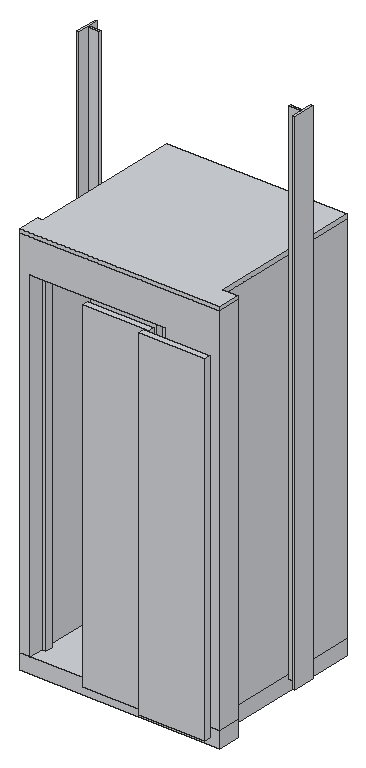
Revit family "M_Ascensor elétrico-4 pessoas", category Equipamento especial, Revit 2019
Family settings
  Cota do conector redondo = Utilizar diâmetro
  Tipo de parte = Normal
  Número OmniClass = 23.50.05.14
  Título OmniClass = Lifts
  ID de item do Seek = Electric Lift-4 person-0000-CAN-ENU
  Com base no plano de trabalho = Não
  Sempre na vertical = Sim
  Corte com vazios quando carregada = Não
  Compartilhado = Não
  Ponto de cálculo do ambiente = Não
Parameters (values of type "1000 x 880mm")
  Largura do painel = 386 mm
  Altura do nível = 3000 mm
  Material da porta = none
Reference planes
  plane 1 "Centro (Frente/Trás)": y = 0
  plane 2: z = 0
  plane 3 "Centro (Esquerda/Direita)": x = 0
  plane 4: z = 3000
  plane 5: y = -762.502
Forms (mm)
  Extrusion 1, solid
    sketch origin (0, 0, 0) x (1, 0, 0) y (0, 1, 0)
      loop
        line (-525, 452.498) -> (-525, -452.502) -> (-556, -452.502) -> (-556, -582.502) -> (611.5, -582.502) -> (611.5, -452.502) -> (525, -452.502) -> (525, 452.498) -> (-525, 452.498)
      loop
        line (-500, 427.498) -> (-500, 115) -> (-485.245, 115) -> (-485.245, -115) -> (-500, -115) -> (-500, -452.502) -> (-475, -452.502) -> (-475, -494.818) -> (-496.17, -494.818) -> (-496.17, -578.543) -> (583.123, -578.543) -> (583.123, -490.502) -> (235.3, -490.502) -> (235.3, -452.502) -> (500, -452.502) -> (500, 427.498) -> (-500, 427.498)
    from 0 to 2200
  Extrusion 2, solid, detail levels medium+fine
    sketch origin (0, 0, 0) x (1, 0, 0) y (0, 1, 0)
      loop
        line (-638.027, 63.5) -> (-638.027, -63.5) -> (-625.027, -63.5) -> (-622.113, -6.196) -> (-557.027, -6.196) -> (-557.027, 6.3) -> (-622.027, 6.3) -> (-625.027, 63.5) -> (-638.027, 63.5)
      loop
        line (625.027, 63.5) -> (622.027, 6.3) -> (557.027, 6.3) -> (557.027, -6.196) -> (622.113, -6.196) -> (625.027, -63.5) -> (638.027, -63.5) -> (638.027, 63.5) -> (625.027, 63.5)
    from 0 to 3000
  Extrusion 3, void
    sketch origin (-556, -582.502, 2200) x (0, 0, 1) y (1, 0, 0)
      loop
        line (-2286.189, 59.83) -> (-200, 59.83) -> (-200, 854.444) -> (-2286.189, 854.444) -> (-2286.189, 59.83)
    from 0 to 87.684
  Extrusion 4, solid
    sketch origin (0, 0, -90) x (1, 0, 0) y (0, 1, 0)
      loop
        line (-525, 452.498) -> (-525, -452.502) -> (-556, -452.502) -> (-556, -582.502) -> (611.5, -582.502) -> (611.5, -452.502) -> (525, -452.502) -> (525, 452.498) -> (-525, 452.498)
    from 0 to 90
  Extrusion 5, solid, material <- "Material da porta"
    sketch origin (160, 0, 0) x (1, 0, 0) y (0, 1, 0)
      loop
        line (27.622, -496.512) -> (27.622, -538.112) -> (413.622, -538.112) -> (413.622, -496.512) -> (27.622, -496.512)
      loop
        line (-306.17, -543.502) -> (-306.17, -578.543) -> (79.83, -578.543) -> (79.83, -543.502) -> (-306.17, -543.502)
      loop
        line (67.622, -695.891) -> (453.622, -695.891) -> (453.622, -656.891) -> (67.622, -656.891) -> (67.622, -695.891)
      loop
        line (-296.17, -612.502) -> (-296.17, -651.502) -> (89.83, -651.502) -> (89.83, -612.502) -> (-296.17, -612.502)
    from 0 to 2000
  Extrusion 6, solid
    sketch origin (-525, 452.498, 2200) x (-1, 0, 0) y (0, -1, 0)
      loop
        line (0, 0) -> (0, 905) -> (31, 905) -> (31, 1035) -> (-1136.5, 1035) -> (-1136.5, 905) -> (-1050, 905) -> (-1050, 0) -> (0, 0)
    from 0 to 22
Cuts and joins
  Extrusion 3 cuts Extrusion 1
  Extrusion 3 cuts Extrusion 2
Lines and regions (mm)
  symbolic lines
    curve 1: line (370.2, 602.498, 0) -> (-399.8, 602.498, 0)
    curve 2: line (-399.8, 602.498, 0) -> (-399.8, 502.498, 0)
    curve 3: line (-399.8, 502.498, 0) -> (370.2, 502.498, 0)
    curve 4: line (370.2, 502.498, 0) -> (370.2, 602.498, 0)
  symbolic lines, detail levels fine
    curve 5: line (-468.299, 577.496, 0) -> (-468.299, 555.496, 0)
    curve 6: line (-468.299, 555.496, 0) -> (-424.799, 555.496, 0)
    curve 7: line (-424.799, 555.496, 0) -> (-424.799, 549.496, 0)
    curve 8: line (-424.799, 549.496, 0) -> (-468.299, 549.496, 0)
    curve 9: line (-468.299, 549.496, 0) -> (-468.299, 527.496, 0)
    curve 10: line (-468.299, 527.496, 0) -> (-474.299, 527.496, 0)
    curve 11: line (-474.299, 527.496, 0) -> (-474.299, 577.496, 0)
    curve 12: line (-474.299, 577.496, 0) -> (-468.299, 577.496, 0)
    curve 13: line (395.199, 549.496, 0) -> (438.699, 549.496, 0)
    curve 14: line (438.699, 549.496, 0) -> (438.699, 527.496, 0)
    curve 15: line (438.699, 527.496, 0) -> (444.699, 527.496, 0)
    curve 16: line (444.699, 527.496, 0) -> (444.699, 577.496, 0)
    curve 17: line (444.699, 577.496, 0) -> (438.699, 577.496, 0)
    curve 18: line (438.699, 577.496, 0) -> (438.699, 555.496, 0)
    curve 19: line (438.699, 555.496, 0) -> (395.199, 555.496, 0)
    curve 20: line (395.199, 555.496, 0) -> (395.199, 549.496, 0)
    curve 84: arc (31.514, 552.46, 0) -> (0.287, 583.687, 0) -> (-30.94, 552.46, 0) r 31.227
    curve 85: arc (-30.94, 552.46, 0) -> (0.287, 521.232, 0) -> (31.514, 552.46, 0) r 31.227
  symbolic lines, detail levels medium+fine
    curve 21: line (525, -452.502, 0) -> (525, 452.498, 0)
    curve 22: line (525, 452.498, 0) -> (-525, 452.498, 0)
    curve 23: line (-525, 452.498, 0) -> (-525, -452.502, 0)
    curve 24: line (500, -452.502, 0) -> (500, 427.498, 0)
    curve 25: line (500, 427.498, 0) -> (-500, 427.498, 0)
    curve 26: line (-500, 427.498, 0) -> (-500, 115, 0)
    curve 27: line (-485.245, 115, 0) -> (-525, 115, 0)
    curve 28: line (-525, -115, 0) -> (-485.245, -115, 0)
    curve 29: line (-485.245, -115, 0) -> (-485.245, 115, 0)
    curve 30: line (-500, -115, 0) -> (-500, -452.502, 0)
    curve 31: line (-496.17, -582.502, 0) -> (-496.17, -494.818, 0)
    curve 32: line (-496.17, -494.818, 0) -> (-475, -494.818, 0)
    curve 33: line (-475, -494.818, 0) -> (-475, -452.502, 0)
    curve 34: line (-475, -452.502, 0) -> (-556, -452.502, 0)
    curve 35: line (-556, -452.502, 0) -> (-556, -582.502, 0)
    curve 36: line (-496.17, -582.502, 0) -> (-110.17, -582.502, 0)
    curve 37: line (-110.17, -582.502, 0) -> (-110.17, -543.502, 0)
    curve 38: line (-110.17, -543.502, 0) -> (-496.17, -543.502, 0)
    curve 39: line (-132.378, -538.112, 0) -> (253.622, -538.112, 0)
    curve 40: line (253.622, -538.112, 0) -> (253.622, -496.512, 0)
    curve 41: line (253.622, -496.512, 0) -> (-132.378, -496.512, 0)
    curve 42: line (-132.378, -496.512, 0) -> (-132.378, -538.112, 0)
    curve 43: line (611.5, -582.502, 0) -> (-110.17, -582.502, 0)
    curve 44: line (298.444, -525.043, 0) -> (583.123, -525.043, 0)
    curve 45: line (583.123, -525.043, 0) -> (583.123, -493.043, 0)
    curve 46: line (583.123, -493.043, 0) -> (298.444, -493.043, 0)
    curve 47: line (298.444, -578.543, 0) -> (583.123, -578.543, 0)
    curve 48: line (583.123, -578.543, 0) -> (583.123, -537.543, 0)
    curve 49: line (583.123, -537.543, 0) -> (298.444, -537.543, 0)
    curve 51: line (630.007, -717.484, 0) -> (630.007, -612.502, 0)
    curve 52: line (630.007, -612.502, 0) -> (-110.17, -612.502, 0)
    curve 53: line (403.123, -625.543, 0) -> (625.123, -625.543, 0)
    curve 54: line (625.123, -625.543, 0) -> (625.123, -655.543, 0)
    curve 55: line (625.123, -655.543, 0) -> (403.123, -655.543, 0)
    curve 56: line (403.123, -671.043, 0) -> (625.123, -671.043, 0)
    curve 57: line (625.123, -671.043, 0) -> (625.123, -706.043, 0)
    curve 58: line (625.123, -706.043, 0) -> (403.123, -706.043, 0)
    curve 59: line (260.755, -717.484, 0) -> (630.007, -717.484, 0)
    curve 60: line (630.007, -717.484, 0) -> (630.007, -762.502, 0)
    curve 61: line (630.007, -762.502, 0) -> (239.979, -762.502, 0)
    curve 62: line (239.979, -762.502, 0) -> (239.979, -701.98, 0)
    curve 63: line (239.979, -701.98, 0) -> (260.755, -701.98, 0)
    curve 64: line (253.622, -695.891, 0) -> (-132.378, -695.891, 0)
    curve 65: line (-132.378, -695.891, 0) -> (-132.378, -656.891, 0)
    curve 66: line (-132.378, -656.891, 0) -> (253.622, -656.891, 0)
    curve 67: line (253.622, -656.891, 0) -> (253.622, -695.891, 0)
    curve 68: line (-496.17, -651.502, 0) -> (-110.17, -651.502, 0)
    curve 69: line (-110.17, -651.502, 0) -> (-110.17, -612.502, 0)
    curve 70: line (-110.17, -612.502, 0) -> (-496.17, -612.502, 0)
    curve 71: line (-496.17, -612.502, 0) -> (-496.17, -692.502, 0)
    curve 72: line (-496.17, -692.502, 0) -> (-475, -692.502, 0)
    curve 73: line (-475, -692.502, 0) -> (-475, -762.502, 0)
    curve 74: line (-625, -612.502, 0) -> (-625, -762.502, 0)
    curve 75: line (-625, -762.502, 0) -> (-475, -762.502, 0)
    curve 76: line (-475, -762.502, 0) -> (-475, -692.502, 0)
    curve 77: line (-475, -692.502, 0) -> (-496.17, -692.502, 0)
    curve 78: line (-496.17, -692.502, 0) -> (-496.17, -612.502, 0)
    curve 79: line (-496.17, -612.502, 0) -> (-625, -612.502, 0)
    curve 80: line (235.3, -452.502, 0) -> (611.5, -452.502, 0)
    curve 81: line (258.09, -490.502, 0) -> (235.3, -490.502, 0)
    curve 82: line (235.3, -490.502, 0) -> (235.3, -452.502, 0)
    curve 83: line (611.5, -452.502, 0) -> (611.5, -582.502, 0)
    curve 87: line (-556, -582.502, 0) -> (-496.17, -582.502, 0)
    curve 102: line (260.755, -701.98, 0) -> (260.755, -717.484, 0)
  symbolic lines, style "InvisibleLines", detail levels medium+fine
    curve 50: line (675, -717.484, 0) -> (630.007, -717.484, 0)
    curve 86: line (-525, 552.498, 0) -> (524.996, 552.498, 0)
    curve 88: line (675, 672.498, 0) -> (-675, 672.498, 0)
    curve 89: line (-675, 672.498, 0) -> (-675, -727.484, 0)
    curve 90: line (675, -717.484, 0) -> (675, 672.498, 0)
    curve 91: line (-675, -727.484, 0) -> (-625, -727.484, 0)
  symbolic lines, style "SpecialityEquipment", detail levels medium+fine
    curve 92: line (298.444, -525.043, 0) -> (298.444, -493.043, 0)
    curve 93: line (298.444, -537.543, 0) -> (298.444, -578.543, 0)
    curve 94: line (403.123, -625.543, 0) -> (403.123, -655.543, 0)
    curve 95: line (403.123, -671.043, 0) -> (403.123, -706.043, 0)
  symbolic lines, detail levels coarse
    curve 96: line (-525, 452.498, 0) -> (525, 452.498, 0)
    curve 97: line (525, 452.498, 0) -> (525, -582.502, 0)
    curve 98: line (525, -582.502, 0) -> (-525, -582.502, 0)
    curve 99: line (-525, 452.498, 0) -> (-525, -582.502, 0)
    curve 100: line (-525, -582.502, 0) -> (525, 452.498, 0)
    curve 101: line (-525, 452.498, 0) -> (525, -582.502, 0)
Dimensions and locks
  locked: curve 23 to curve 26 at 25
  locked: curve 23 to curve 30 at 25
  locked: curve 24 to curve 21 at 25
  locked: curve 22 to curve 25 at 25
  locked: curve 27 to curve 28 at 230
  locked: curve 23 to curve 29 at 39.755
  locked: curve 26 to curve 24 at 1000
  equal spacing: curve 30, plane 3 "Centro (Esquerda/Direita)", curve 24
  "Largura do painel": curve 42 to curve 40
  locked: curve 41 to curve 39 at 41.6
  locked: curve 64 to curve 66 at 39
  locked: curve 38 to curve 36 at 39
  locked: curve 70 to curve 68 at 39
  locked: curve 35 to curve 33 at 81
  locked: curve 34 to curve 87 at 130
  locked: curve 32 to curve 34 at 42.316
  locked: curve 35 to curve 31 at 59.83
  "Largura do painel": curve 65 to curve 67
  "Largura do painel": curve 68 to curve 69
  "Largura do painel": curve 38 to curve 37
  locked: curve 3 to curve 22 at 50
  locked: curve 3 to curve 1 at 100
  locked: curve 2 to curve 4 at 770
  cut or joined group of Extrusion 1, Extrusion 3 to cut or joined group of Extrusion 1, Extrusion 3 = 2000 mm
  "Altura do nível": plane 4 to level
  aligned and locked: Extrusion 2 sketch curve to nested 1  (x8)
  aligned and locked: cut or joined group of Extrusion 2, Extrusion 3 to plane 4
  aligned and locked: cut or joined group of Extrusion 2, Extrusion 3 to level
Automatic sketch dimensions
  Extrusion 1 sketch curve to plane 3 "Centro (Esquerda/Direita)" = 556 mm
  Extrusion 1 sketch curve to Extrusion 1 sketch curve = 31 mm
  Extrusion 1 sketch curve to Extrusion 1 sketch curve = 25 mm  (x3)
  Extrusion 1 sketch curve to Extrusion 1 sketch curve = 0 mm  (x2)
  Extrusion 1 sketch curve to Extrusion 1 sketch curve = 3.83 mm
  Extrusion 1 sketch curve to Extrusion 1 sketch curve = 14.755 mm
  Extrusion 1 sketch curve to Extrusion 1 sketch curve = 21.17 mm
  plane 3 "Centro (Esquerda/Direita)" to Extrusion 1 sketch curve = 235.3 mm
  plane 3 "Centro (Esquerda/Direita)" to Extrusion 1 sketch curve = 500 mm
  Extrusion 1 sketch curve to Extrusion 1 sketch curve = 58.123 mm
  Extrusion 1 sketch curve to Extrusion 1 sketch curve = 28.377 mm
  plane 1 "Centro (Frente/Trás)" to Extrusion 1 sketch curve = 582.502 mm
  Extrusion 1 sketch curve to Extrusion 1 sketch curve = 3.959 mm
  Extrusion 1 sketch curve to Extrusion 1 sketch curve = 83.725 mm
  Extrusion 1 sketch curve to Extrusion 1 sketch curve = 88.041 mm
  Extrusion 1 sketch curve to Extrusion 1 sketch curve = 42.316 mm
  Extrusion 1 sketch curve to Extrusion 1 sketch curve = 38 mm  (x2)
  plane 1 "Centro (Frente/Trás)" to Extrusion 1 sketch curve = 115 mm
  Extrusion 1 sketch curve to plane 1 "Centro (Frente/Trás)" = 115 mm
  Extrusion 1 sketch curve to plane 1 "Centro (Frente/Trás)" = 427.498 mm
  Extrusion 2 sketch curve to plane 1 "Centro (Frente/Trás)" = 6.3 mm
  Extrusion 2 sketch curve to plane 3 "Centro (Esquerda/Direita)" = 557.027 mm
  Extrusion 2 sketch curve to Extrusion 2 sketch curve = 65 mm
  plane 1 "Centro (Frente/Trás)" to Extrusion 2 sketch curve = 6.196 mm
  Extrusion 2 sketch curve to Extrusion 2 sketch curve = 0.086 mm
  Extrusion 2 sketch curve to Extrusion 2 sketch curve = 3 mm
  Extrusion 2 sketch curve to Extrusion 2 sketch curve = 2.914 mm
  Extrusion 2 sketch curve to Extrusion 2 sketch curve = 13 mm
  Extrusion 2 sketch curve to Extrusion 2 sketch curve = 57.304 mm
  Extrusion 2 sketch curve to Extrusion 2 sketch curve = 57.2 mm
  Extrusion 3 sketch curve to level = 86.189 mm
  Extrusion 3 sketch curve to plane 3 "Centro (Esquerda/Direita)" = 496.17 mm
  level to Extrusion 3 sketch curve = 2000 mm
  plane 3 "Centro (Esquerda/Direita)" to Extrusion 3 sketch curve = 298.444 mm
  Extrusion 4 sketch curve to plane 3 "Centro (Esquerda/Direita)" = 556 mm
  Extrusion 4 sketch curve to Extrusion 4 sketch curve = 31 mm
  plane 3 "Centro (Esquerda/Direita)" to Extrusion 4 sketch curve = 525 mm
  Extrusion 4 sketch curve to Extrusion 4 sketch curve = 86.5 mm
  plane 1 "Centro (Frente/Trás)" to Extrusion 4 sketch curve = 582.502 mm
  Extrusion 4 sketch curve to Extrusion 4 sketch curve = 130 mm  (x2)
  Extrusion 4 sketch curve to plane 1 "Centro (Frente/Trás)" = 452.498 mm
  plane 3 "Centro (Esquerda/Direita)" to Extrusion 6 sketch curve = 611.5 mm
  Extrusion 6 sketch curve to Extrusion 6 sketch curve = 86.5 mm
  Extrusion 6 sketch curve to plane 3 "Centro (Esquerda/Direita)" = 525 mm
  Extrusion 6 sketch curve to Extrusion 6 sketch curve = 31 mm
  Extrusion 6 sketch curve to plane 1 "Centro (Frente/Trás)" = 452.498 mm
  plane 1 "Centro (Frente/Trás)" to Extrusion 6 sketch curve = 452.502 mm  (x2)
  Extrusion 6 sketch curve to Extrusion 6 sketch curve = 130 mm
  Extrusion 5 sketch curve to plane 3 "Centro (Esquerda/Direita)" = 146.17 mm
  Extrusion 5 sketch curve to Extrusion 5 sketch curve = 10 mm
  plane 3 "Centro (Esquerda/Direita)" to Extrusion 5 sketch curve = 187.622 mm
  Extrusion 5 sketch curve to Extrusion 5 sketch curve = 40 mm  (x2)
  Extrusion 5 sketch curve to Extrusion 5 sketch curve = 52.208 mm
  Extrusion 5 sketch curve to Extrusion 5 sketch curve = 22.208 mm
  Extrusion 5 sketch curve to Extrusion 5 sketch curve = 333.792 mm
  plane 1 "Centro (Frente/Trás)" to Extrusion 5 sketch curve = 695.891 mm
  Extrusion 5 sketch curve to Extrusion 5 sketch curve = 39 mm  (x2)
  Extrusion 5 sketch curve to Extrusion 5 sketch curve = 5.389 mm
  Extrusion 5 sketch curve to Extrusion 5 sketch curve = 33.959 mm
  Extrusion 5 sketch curve to Extrusion 5 sketch curve = 35.041 mm
  Extrusion 5 sketch curve to Extrusion 5 sketch curve = 118.779 mm
  Extrusion 5 sketch curve to Extrusion 5 sketch curve = 41.6 mm
  curve 75 to plane 5 = 0 mm
  curve 62 to plane 5 = 0 mm
  curve 86 to curve 22 = 0 mm
  curve 35 to curve 23 = 31 mm
  curve 74 to curve 35 = 69 mm
  curve 89 to curve 91 = 50 mm
  curve 79 to curve 31 = 0 mm
  curve 71 to curve 76 = 21.17 mm
  curve 86 to curve 10 = 50.701 mm
  curve 10 to curve 9 = 6 mm
  curve 6 to curve 8 = 0 mm
  curve 5 to curve 7 = 43.5 mm
  curve 7 to curve 2 = 24.999 mm
  curve 65 to curve 68 = 22.208 mm
  curve 42 to curve 37 = 22.208 mm
  curve 85 to plane 3 "Centro (Esquerda/Direita)" = 30.94 mm
  plane 3 "Centro (Esquerda/Direita)" to curve 84 = 0.287 mm
  curve 82 to curve 40 = 18.322 mm
  curve 62 to curve 64 = 13.643 mm
  curve 40 to curve 81 = 4.468 mm
  curve 64 to curve 102 = 7.133 mm
  curve 81 to curve 92 = 40.354 mm
  curve 93 to curve 44 = 0 mm
  curve 3 to curve 13 = 24.999 mm
  curve 58 to curve 59 = 226.884 mm
  curve 94 to curve 56 = 0 mm
  curve 19 to curve 19 = 43.5 mm
  curve 15 to curve 18 = 0 mm
  curve 17 to curve 16 = 6 mm
  curve 16 to curve 86 = 80.297 mm
  curve 98 to curve 49 = 58.123 mm
  curve 44 to curve 48 = 0 mm
  curve 45 to curve 83 = 28.377 mm
  curve 43 to curve 57 = 13.623 mm
  curve 55 to curve 56 = 0 mm
  curve 50 to curve 50 = 44.993 mm
  curve 91 to plane 5 = 35.018 mm
  curve 50 to curve 57 = 11.441 mm
  curve 59 to curve 102 = 15.504 mm
  curve 63 to curve 64 = 6.089 mm
  curve 78 to plane 5 = 70 mm
  curve 57 to curve 57 = 35 mm
  curve 56 to curve 54 = 15.5 mm
  curve 65 to curve 69 = 5.389 mm
  curve 53 to curve 51 = 13.041 mm
  curve 52 to curve 36 = 30 mm
  curve 98 to curve 97 = 0 mm
  curve 43 to curve 47 = 3.959 mm
  curve 37 to curve 39 = 5.389 mm
  curve 47 to curve 49 = 41 mm
  curve 49 to curve 92 = 12.5 mm
  curve 44 to curve 92 = 32 mm
  curve 40 to curve 82 = 6.011 mm
  curve 45 to curve 21 = 40.541 mm
  plane 1 "Centro (Frente/Trás)" to curve 28 = 115 mm
  curve 26 to curve 25 = 312.498 mm
  curve 3 to curve 15 = 24.998 mm
  curve 2 to curve 9 = 24.998 mm
  curve 9 to curve 8 = 22 mm
  curve 14 to curve 13 = 22 mm
  curve 3 to curve 85 = 49.961 mm
  curve 10 to curve 86 = 25.002 mm
  curve 13 to curve 20 = 6 mm
  curve 7 to curve 7 = 6 mm
  curve 18 to curve 18 = 22 mm
  curve 5 to curve 11 = 22 mm
  curve 86 to curve 90 = 120 mm
  curve 90 to curve 59 = 0 mm
  curve 53 to curve 51 = 4.884 mm
  curve 90 to plane 5 = 45.018 mm
Nested families
  nested 1: "Conexão vertical" at (638.027, 0, 0), type "Conexão vertical", detail levels medium+fine
  nested 2: "Conexão vertical" at (-638.027, 0, 0) x (-1, 0, 0) z (0, 0, 1), type "Conexão vertical", detail levels medium+fine
Definition of nested family "Conexão vertical"
  Reference planes
    plane 1 "Centro (Frente/Trás)": y = 0
    plane 2: z = 0
    plane 3 "Centro (Esquerda/Direita)": x = 0
  Lines and regions (mm)
    detail lines, in view "Nível de referência"
      curve 1: line (-81, -6.196, 0) -> (-15.914, -6.196, 0)
      curve 2: line (-15.914, -6.196, 0) -> (-13, -63.5, 0)
      curve 3: line (-13, -63.5, 0) -> (0, -63.5, 0)
      curve 4: line (0, -63.5, 0) -> (0, 63.5, 0)
      curve 5: line (0, 63.5, 0) -> (-13, 63.5, 0)
      curve 6: line (-13, 63.5, 0) -> (-16, 6.3, 0)
      curve 7: line (-16, 6.3, 0) -> (-81, 6.3, 0)
      curve 8: line (-81, 6.3, 0) -> (-81, -6.196, 0)
